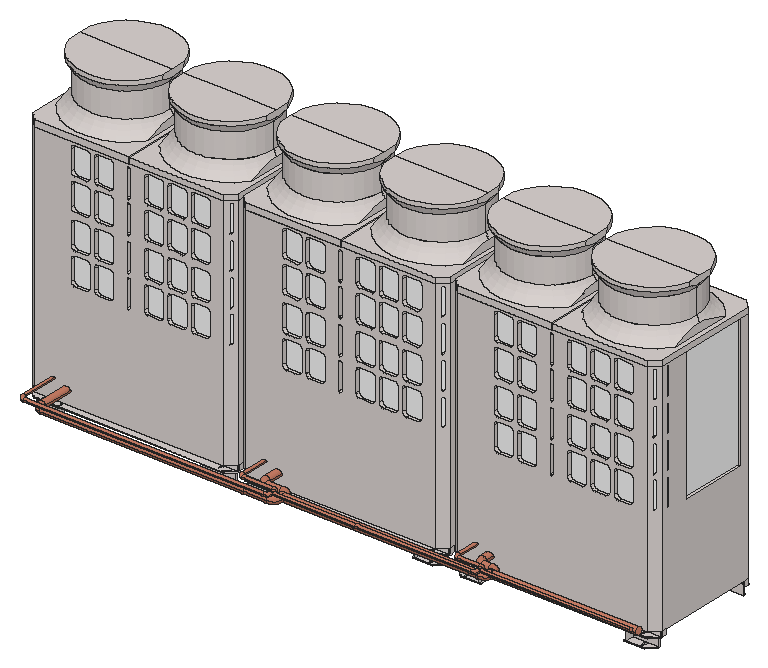
Revit family "PUHY-EP1300YSNW-A", category Mechanical Equipment, Revit 2012
Parameters (values of type "PUHY-EP1300YSNW-A_415V_60Hz")
  Sound Pressure Level (dB(A)) Heating mode = 73.5
  Sound Pressure Level (dB(A)) Cooling mode = 70
  Model = "PUHY-EP1300YSNW-A"
  Width = 3780 mm
  WarrantyStart = ""
  Voltage = 415 V
  Unit Weight (kg) = 915
  URL = "http://www.mitsubishielectric.com/"
  Temp. range of heating (Outdoor temp.) (W.B.) = "-20.0 to 15.5"
  Temp. range of heating (Indoor temp.) (D.B.) = "15.0 to 27.0"
  TagNumber = 0
  Subcategory = "HVAC"
  Space View = yes
  SerialNumber = 0
  ReplacementYear = ""
  Refrigerant type = "R410A"
  Refrigerant Charge (kg) = 32.4
  Protection Devices_Inverter circuit (COMP./FAN) = "Over-heat protection, Over-current protection"
  Protection Devices_High pressure (MPa) = "High pressure sensor, High pressure switch at 4.15"
  Phase = 3
  Manufacturer = "Mitsubishi Electric Corporation"
  Outdoor unit 3 = PUHY-EP400YNW-A : PUHY-EP400YNW-A
  Outdoor unit 2 = PUHY-EP450YNW-A : PUHY-EP450YNW-A
  Outdoor unit 1 = PUHY-EP450YNW-A : PUHY-EP450YNW-A
  Note_1 = "Refrigerant pipe diameters may change depending on the installation condition. Please refer to the installation manual."
  Maximum Circuit Ampacity (A) = 95.6
  Liquid pipe_radius = 9.525 mm
  InstallationDate = ""
  Indoor Unit Total Capacity = "50 to 130% of outdoor unit capacity"
  Indoor Unit Model/Quantity = "P15 to P250/3 to 50"
  Hertz = 60 Hz
  Height = 1858 mm
  Heating Power Input (kW) = 39.81
  Heating Current (A) = 61.5
  Heating Capacity (kW) = 163
  Heating COP (kW/kW) = 4.09
  Gas pipe_radius = 20.64 mm
  Fan_Type = "Propeller Fan"
  Fan_Quantity = 6
  Fan Motor Output (kW) = 2.76
  External static pressure (Pa) = 0
  External Finish = "Pre-coated galvanized steel sheets (+powder coating for -BS type) <MUNSELL 5Y 8/1 or similar>"
  Equip_description = ""
  Equip_No. = 0
  Equip_ID = ""
  Description = ""
  Depth = 740 mm
  CreatedOn = ""
  CreatedBy = ""
  Cooling Power Input (kW) = 33.85
  Cooling EER (kW/kW) = 4.31
  Cooling Current (A) = 52.3
  Cooling Capacity (kW) = 146
  Compressor_Type = "Inverter scroll hermetic compressor"
  Compressor_Quantity = 3
  Compressor_Lubricant = "MEL32"
  Compressor Motor Output (kW) = 35.7
  Category = ""
  Barcode = ""
  AssetIdentifier = ""
  Airflow Rate (m3/min) = 880
  Airflow Rate (m3/h) = 52800
Reference planes
  plane 1 "Center (Front/Back)": y = 0
  plane 2: z = 0
  plane 3 "Center (Left/Right)": x = 0
  plane 4: y = 370
  plane 5 "front": y = -370
  plane 6: x = -1890
  plane 7: x = 1890
  plane 8: x = -620
  plane 9: x = 620
  plane 10: x = -650
  plane 11: x = 650
  plane 12: y = 370
  plane 13: y = -370
  plane 14: z = 1858
  plane 15: x = -1647
  plane 16: x = -1730.603
  plane 17: x = -377
  plane 18: x = -460
  plane 19: x = 893
  plane 20: x = 810
Forms (mm)
  Sweep 1, solid, material "Copper"
    path origin (-51.563, 17.925, 207.255) x (0, -1, 0) y (1, 0, 0)
      loop
        line (380, -1679.039) -> (605, -1679.039)
        arc (605, -1679.039) -> (626.213, -1670.253) -> (635, -1649.039) r 30
        line (635, -1649.039) -> (635, -208.337)
        arc (635, -208.337) -> (629.142, -194.195) -> (615, -188.337) r 20
        line (615, -188.337) -> (590, -188.337)
        arc (590, -188.337) -> (575.858, -194.195) -> (570, -208.337) r 20
        line (570, -208.337) -> (570, -388.437)
        arc (570, -388.437) -> (564.142, -402.579) -> (550, -408.437) r 20
        line (550, -408.437) -> (380, -408.437)
    profile origin (-1730.603, -474.575, 207.255) x (1, 0, 0) y (0, 0, 1)
      loop
        circle (0, 0) r 9.525
  Sweep 2, solid, material "Copper"
    path origin (-48.859, 17.925, 173.255) x (-1, 0, 0) y (0, -1, 0)
      loop
        line (1598.141, 380) -> (1598.141, 575)
        arc (1598.141, 575) -> (1587.889, 599.749) -> (1563.141, 610) r 35
        line (1563.141, 610) -> (342, 610) -> (204.723, 610)
        arc (204.723, 610) -> (179.974, 599.749) -> (169.723, 575) r 35
        line (169.723, 575) -> (169.723, 545)
        arc (169.723, 545) -> (179.974, 520.251) -> (204.723, 510) r 35
        line (204.723, 510) -> (293.141, 510)
        arc (293.141, 510) -> (317.889, 499.749) -> (328.141, 475) r 35
        line (328.141, 475) -> (328.141, 380)
    profile origin (-1647, -459.575, 173.255) x (1, 0, 0) y (0, 0, 1)
      loop
        circle (0, 0) r 20.64
  Sweep 3, solid, material "Copper"
    path origin (214.685, 17.925, 207.255) x (0, -1, 0) y (1, 0, 0)
      loop
        line (605, -448.702) -> (605, 51.298) -> (605, 745.315)
        arc (605, 745.315) -> (599.142, 759.457) -> (585, 765.315) r 20
        line (585, 765.315) -> (560.96, 765.315)
        arc (560.96, 765.315) -> (546.818, 759.457) -> (540.96, 745.315) r 20
        line (540.96, 745.315) -> (540.96, 615.315)
        arc (540.96, 615.315) -> (535.102, 601.172) -> (520.96, 595.315) r 20
        line (520.96, 595.315) -> (380, 595.315)
    profile origin (15.984, -587.075, 207.255) x (0, 1, 0) y (0, 0, 1)
      loop
        circle (0, 0) r 9.525
  Sweep 4, solid, material "Copper"
    path origin (188.125, 17.925, 173.255) x (-1, 0, 0) y (0, -1, 0)
      loop
        line (395.125, 555.96) -> (-784.875, 555.96)
        arc (-784.875, 555.96) -> (-809.623, 545.709) -> (-819.875, 520.96) r 35
        line (-819.875, 520.96) -> (-819.875, 510)
        arc (-819.875, 510) -> (-809.623, 485.251) -> (-784.875, 475) r 35
        line (-784.875, 475) -> (-739.875, 475)
        arc (-739.875, 475) -> (-715.126, 464.749) -> (-704.875, 440) r 35
        line (-704.875, 440) -> (-704.875, 380)
    profile origin (383, -538.035, 173.255) x (0, 1, 0) y (0, 0, 1)
      loop
        circle (0, 0) r 20.64
  Sweep 5, solid, material "Copper"
    path origin (114.685, 17.925, 207.255) x (0, -1, 0) y (1, 0, 0)
      loop
        line (572.806, 870.315) -> (572.806, 1775.315)
    profile origin (1437.5, -554.881, 207.255) x (0, 1, 0) y (0, 0, 1)
      loop
        circle (0, 0) r 9.525
  Sweep 6, solid, material "Copper"
    path origin (88.125, 17.925, 173.255) x (-1, 0, 0) y (0, -1, 0)
      loop
        line (-921.875, 515.995) -> (-1801.875, 515.995)
    profile origin (1450, -498.07, 173.255) x (0, 1, 0) y (0, 0, 1)
      loop
        circle (0, 0) r 20.64
Dimensions and locks
  nested 2 to nested 1 = 30 mm
  nested 1 to nested 1 = 1240 mm
  nested 2 to nested 2 = 1240 mm
  plane 6 to plane 3 "Center (Left/Right)" to plane 7 = 1890 mm, 1890 mm
  "Liquid pipe_radius": radius of Sweep 5 sketch curve
  "Gas pipe_radius": radius of Sweep 6 sketch curve
  aligned and locked: level to plane 2
Automatic sketch dimensions
  Sweep 1 sketch curve to plane 5 "front" = 7.925 mm  (x2)
  plane 5 "front" to Sweep 1 sketch curve = 162.075 mm
  Sweep 1 sketch curve to plane 3 "Center (Left/Right)" = 259.9 mm
  Sweep 1 sketch curve to Sweep 1 sketch curve = 20 mm
  Sweep 1 sketch curve to plane 3 "Center (Left/Right)" = 239.9 mm
  plane 5 "front" to Sweep 1 sketch curve = 217.075 mm
  Sweep 1 sketch curve to Sweep 1 sketch curve = 25 mm
  Sweep 1 sketch curve to Sweep 1 sketch curve = 30 mm
  Sweep 1 sketch curve to plane 3 "Center (Left/Right)" = 440 mm
  profile plane to Sweep 1 sketch curve = 0 mm
  Sweep 1 sketch curve to profile plane = 0 mm
  Sweep 2 sketch curve to plane 3 "Center (Left/Right)" = 218.582 mm
  Sweep 2 sketch curve to plane 3 "Center (Left/Right)" = 253.582 mm  (x2)
  Sweep 2 sketch curve to plane 3 "Center (Left/Right)" = 342 mm
  Sweep 2 sketch curve to plane 3 "Center (Left/Right)" = 390.859 mm
  Sweep 2 sketch curve to Sweep 2 sketch curve = 35 mm  (x2)
  plane 5 "front" to Sweep 2 sketch curve = 222.075 mm
  Sweep 2 sketch curve to Sweep 2 sketch curve = 30 mm
  Sweep 2 sketch curve to plane 5 "front" = 7.925 mm  (x2)
  profile plane to Sweep 2 sketch curve = 0 mm
  Sweep 2 sketch curve to profile plane = 0 mm
  Sweep 3 sketch curve to profile plane = 0 mm  (x2)
  Sweep 4 sketch curve to profile plane = 0 mm  (x2)
  Sweep 5 sketch curve to profile plane = 0 mm  (x2)
  Sweep 6 sketch curve to profile plane = 0 mm  (x2)
  Sweep 1 sketch curve to Sweep 1 sketch curve = 1240.603 mm
  Sweep 2 sketch curve to Sweep 2 sketch curve = 1235 mm
  Sweep 3 sketch curve to plane 20 = 0 mm
  Sweep 3 sketch curve to plane 5 "front" = 7.925 mm
  plane 20 to Sweep 3 sketch curve = 20 mm
  plane 5 "front" to Sweep 3 sketch curve = 133.035 mm
  Sweep 3 sketch curve to Sweep 3 sketch curve = 20 mm
  Sweep 3 sketch curve to Sweep 3 sketch curve = 24.04 mm
  plane 5 "front" to Sweep 3 sketch curve = 217.075 mm
  plane 3 "Center (Left/Right)" to Sweep 3 sketch curve = 265.984 mm
  plane 17 to Sweep 3 sketch curve = 142.984 mm
  plane 19 to Sweep 3 sketch curve = 67 mm
  Sweep 4 sketch curve to plane 19 = 0 mm
  plane 19 to Sweep 4 sketch curve = 35 mm
  Sweep 4 sketch curve to Sweep 4 sketch curve = 45 mm
  Sweep 4 sketch curve to Sweep 4 sketch curve = 0 mm
  Sweep 4 sketch curve to Sweep 4 sketch curve = 35 mm
  plane 17 to Sweep 4 sketch curve = 170 mm
  Sweep 4 sketch curve to plane 5 "front" = 7.925 mm
  plane 5 "front" to Sweep 4 sketch curve = 52.075 mm
  Sweep 4 sketch curve to Sweep 4 sketch curve = 10.96 mm
  Sweep 6 sketch curve to plane 7 = 0 mm
  plane 19 to Sweep 6 sketch curve = 117 mm
  plane 5 "front" to Sweep 6 sketch curve = 128.07 mm
  Sweep 5 sketch curve to plane 7 = 0 mm
  plane 5 "front" to Sweep 5 sketch curve = 184.881 mm
  plane 19 to Sweep 5 sketch curve = 92 mm
  radius of Sweep 1 sketch curve = 9.525 mm
  radius of Sweep 2 sketch curve = 20.64 mm
  radius of Sweep 3 sketch curve = 9.525 mm
  radius of Sweep 4 sketch curve = 20.64 mm
Nested families
  nested 1: "PUHY-EP450YNW-A" at (0, 0, 0), type <- "Outdoor unit 2", type "PUHY-EP450YNW-A"
  nested 2: "PUHY-EP450YNW-A" at (-1270, 0, 0), type <- "Outdoor unit 1", type "PUHY-EP450YNW-A"
  nested 3: "PUHY-EP400YNW-A" at (1270, 0, 0), type <- "Outdoor unit 3", type "PUHY-EP400YNW-A"
Connectors
  piping at (1890, -498.07, 173.255), driven by "Gas pipe_radius"
    settings: on Sweep 6, index 1, connector radius 20.64 mm, flow factor 0, pipe flow 0.0 L/s, pressure drop 0.0 Pa, fitting loss kfactor 0, connector angle 0.00°, fixture units 0, engagement length 0 mm, flow configuration 0, flow direction 0, fitting loss method 0, system type 22, joint type 0, gender type 0, connector reference index -1, connector utility 0, adjustable connector no, is connector primary yes, fitting loss table "", connector description "Indoor unit-Twinning pipe(Gas)"
  piping at (1890, -554.881, 207.255), driven by "Liquid pipe_radius"
    settings: on Sweep 5, index 2, connector radius 9.525 mm, flow factor 0, pipe flow 0.0 L/s, pressure drop 0.0 Pa, fitting loss kfactor 0, connector angle 0.00°, fixture units 0, engagement length 0 mm, flow configuration 0, flow direction 0, fitting loss method 0, system type 22, joint type 0, gender type 0, connector reference index -1, connector utility 0, adjustable connector no, is connector primary no, fitting loss table "", connector description "Indoor unit-Twinning pipe(Liquid)"
  electrical at (992, -370, 279), driven by "Phase", driven by "Voltage"
    settings: index 3, voltage 415 V, apparent load 0 VA, apparent load phase1 0 VA, apparent load phase2 0 VA, apparent load phase3 0 VA, power factor 1, load classification "その他", number of poles 3, system type 30, power factor state 1, is connector primary yes, connector utility no, sub classification motor no, connector description ""
  electrical at (-258, -370, 279), driven by "Phase", driven by "Voltage"
    settings: index 4, voltage 415 V, apparent load 0 VA, apparent load phase1 0 VA, apparent load phase2 0 VA, apparent load phase3 0 VA, power factor 1, load classification "その他", number of poles 3, system type 30, power factor state 1, is connector primary no, connector utility no, sub classification motor no, connector description ""
  electrical at (-1508, -370, 279), driven by "Phase", driven by "Voltage"
    settings: index 5, voltage 415 V, apparent load 0 VA, apparent load phase1 0 VA, apparent load phase2 0 VA, apparent load phase3 0 VA, power factor 1, load classification "その他", number of poles 3, system type 30, power factor state 1, is connector primary no, connector utility no, sub classification motor no, connector description ""
Definition of nested family "PUHY-EP450YNW-A"
  Parameters (values of type "PUHY-P450YNW-A")
    Model = "PUHY-P400YNW-A"
    URL = "http://www.mitsubishielectric.com/"
    Manufacturer = "Mitsubishi Electric Corporation"
    Liquid pipe_radius = 12.7 mm
    Gas pipe_radius = 14.29 mm
  Reference planes
    plane 1 "Center (Front/Back)": y = 0
    plane 2: z = 0
    plane 3 "Center (Left/Right)": x = 0
    plane 4: y = 370
    plane 5: z = 1858
    plane 6: y = -260
    plane 7: y = -204
    plane 8: y = -185
    plane 9: x = -620
    plane 10: x = 620
    plane 11: x = -620
    plane 12: z = 716
    plane 13: x = -524
    plane 14: z = 669
    plane 15: x = -50.5
    plane 16: x = 51
    plane 17: x = 489
    plane 18: x = 467
    plane 19 "132": x = 488
    plane 20 "100": z = 160
    plane 21: z = 185
    plane 22: x = 413
    plane 23: x = 364
    plane 24: z = 150
    plane 25: x = -287.25
    plane 26: x = -137.25
    plane 27: x = -272.25
    plane 28: y = -278
    plane 29: z = 1509
    plane 30: y = -370
    plane 31: x = -530
    plane 32: x = 530
    plane 33 "179": y = -191
  Forms (mm)
    Extrusion 1, solid, material "Paint_5Y 8/1"
      sketch origin (-1, 0, 113) x (-1, 0, 0) y (0, -1, 0)
        loop
          line (569, -370) -> (619, -320) -> (619, 320) -> (569, 370) -> (-571, 370) -> (-621, 320) -> (-621, -320) -> (-571, -370) -> (569, -370)
      from -18 to 1408
    Extrusion 2, void
      sketch origin (524, -370, 113) x (1, 0, 0) y (0, 0, -1)
        loop
          arc (-60.8, -1393.5) -> (-42.557, -1385.943) -> (-35, -1367.7) r 25.8
          line (-35, -1367.7) -> (-35, -1248.5)
          arc (-35, -1248.5) -> (-42.557, -1230.257) -> (-60.8, -1222.7) r 25.8
          line (-60.8, -1222.7) -> (-126, -1222.7)
          arc (-126, -1222.7) -> (-144.243, -1230.257) -> (-151.8, -1248.5) r 25.8
          line (-151.8, -1248.5) -> (-151.8, -1367.7)
          arc (-151.8, -1367.7) -> (-144.243, -1385.943) -> (-126, -1393.5) r 25.8
          line (-126, -1393.5) -> (-60.8, -1393.5)
      from 0 to 20
    Extrusion 3, void
      sketch origin (524, -370, -81) x (1, 0, 0) y (0, 0, -1)
        loop
          arc (-60.8, -1393.5) -> (-42.557, -1385.943) -> (-35, -1367.7) r 25.8
          line (-35, -1367.7) -> (-35, -1248.5)
          arc (-35, -1248.5) -> (-42.557, -1230.257) -> (-60.8, -1222.7) r 25.8
          line (-60.8, -1222.7) -> (-126, -1222.7)
          arc (-126, -1222.7) -> (-144.243, -1230.257) -> (-151.8, -1248.5) r 25.8
          line (-151.8, -1248.5) -> (-151.8, -1367.7)
          arc (-151.8, -1367.7) -> (-144.243, -1385.943) -> (-126, -1393.5) r 25.8
          line (-126, -1393.5) -> (-60.8, -1393.5)
      from 0 to 20
    Extrusion 4, void
      sketch origin (524, -370, -287) x (1, 0, 0) y (0, 0, -1)
        loop
          arc (-60.8, -1393.5) -> (-42.557, -1385.943) -> (-35, -1367.7) r 25.8
          line (-35, -1367.7) -> (-35, -1248.5)
          arc (-35, -1248.5) -> (-42.557, -1230.257) -> (-60.8, -1222.7) r 25.8
          line (-60.8, -1222.7) -> (-126, -1222.7)
          arc (-126, -1222.7) -> (-144.243, -1230.257) -> (-151.8, -1248.5) r 25.8
          line (-151.8, -1248.5) -> (-151.8, -1367.7)
          arc (-151.8, -1367.7) -> (-144.243, -1385.943) -> (-126, -1393.5) r 25.8
          line (-126, -1393.5) -> (-60.8, -1393.5)
      from 0 to 20
    Extrusion 5, void
      sketch origin (524, -370, -481) x (1, 0, 0) y (0, 0, -1)
        loop
          arc (-60.8, -1393.5) -> (-42.557, -1385.943) -> (-35, -1367.7) r 25.8
          line (-35, -1367.7) -> (-35, -1248.5)
          arc (-35, -1248.5) -> (-42.557, -1230.257) -> (-60.8, -1222.7) r 25.8
          line (-60.8, -1222.7) -> (-126, -1222.7)
          arc (-126, -1222.7) -> (-144.243, -1230.257) -> (-151.8, -1248.5) r 25.8
          line (-151.8, -1248.5) -> (-151.8, -1367.7)
          arc (-151.8, -1367.7) -> (-144.243, -1385.943) -> (-126, -1393.5) r 25.8
          line (-126, -1393.5) -> (-60.8, -1393.5)
      from 0 to 20
    Extrusion 6, void
      sketch origin (384, -370, 113) x (1, 0, 0) y (0, 0, -1)
        loop
          arc (-60.8, -1393.5) -> (-42.557, -1385.943) -> (-35, -1367.7) r 25.8
          line (-35, -1367.7) -> (-35, -1248.5)
          arc (-35, -1248.5) -> (-42.557, -1230.257) -> (-60.8, -1222.7) r 25.8
          line (-60.8, -1222.7) -> (-126, -1222.7)
          arc (-126, -1222.7) -> (-144.243, -1230.257) -> (-151.8, -1248.5) r 25.8
          line (-151.8, -1248.5) -> (-151.8, -1367.7)
          arc (-151.8, -1367.7) -> (-144.243, -1385.943) -> (-126, -1393.5) r 25.8
          line (-126, -1393.5) -> (-60.8, -1393.5)
      from 0 to 20
    Extrusion 7, void
      sketch origin (384, -370, -81) x (1, 0, 0) y (0, 0, -1)
        loop
          arc (-60.8, -1393.5) -> (-42.557, -1385.943) -> (-35, -1367.7) r 25.8
          line (-35, -1367.7) -> (-35, -1248.5)
          arc (-35, -1248.5) -> (-42.557, -1230.257) -> (-60.8, -1222.7) r 25.8
          line (-60.8, -1222.7) -> (-126, -1222.7)
          arc (-126, -1222.7) -> (-144.243, -1230.257) -> (-151.8, -1248.5) r 25.8
          line (-151.8, -1248.5) -> (-151.8, -1367.7)
          arc (-151.8, -1367.7) -> (-144.243, -1385.943) -> (-126, -1393.5) r 25.8
          line (-126, -1393.5) -> (-60.8, -1393.5)
      from 0 to 20
    Extrusion 8, void
      sketch origin (384, -370, -287) x (1, 0, 0) y (0, 0, -1)
        loop
          arc (-60.8, -1393.5) -> (-42.557, -1385.943) -> (-35, -1367.7) r 25.8
          line (-35, -1367.7) -> (-35, -1248.5)
          arc (-35, -1248.5) -> (-42.557, -1230.257) -> (-60.8, -1222.7) r 25.8
          line (-60.8, -1222.7) -> (-126, -1222.7)
          arc (-126, -1222.7) -> (-144.243, -1230.257) -> (-151.8, -1248.5) r 25.8
          line (-151.8, -1248.5) -> (-151.8, -1367.7)
          arc (-151.8, -1367.7) -> (-144.243, -1385.943) -> (-126, -1393.5) r 25.8
          line (-126, -1393.5) -> (-60.8, -1393.5)
      from 0 to 20
    Extrusion 9, void
      sketch origin (384, -370, -481) x (1, 0, 0) y (0, 0, -1)
        loop
          arc (-60.8, -1393.5) -> (-42.557, -1385.943) -> (-35, -1367.7) r 25.8
          line (-35, -1367.7) -> (-35, -1248.5)
          arc (-35, -1248.5) -> (-42.557, -1230.257) -> (-60.8, -1222.7) r 25.8
          line (-60.8, -1222.7) -> (-126, -1222.7)
          arc (-126, -1222.7) -> (-144.243, -1230.257) -> (-151.8, -1248.5) r 25.8
          line (-151.8, -1248.5) -> (-151.8, -1367.7)
          arc (-151.8, -1367.7) -> (-144.243, -1385.943) -> (-126, -1393.5) r 25.8
          line (-126, -1393.5) -> (-60.8, -1393.5)
      from 0 to 20
    Extrusion 10, void
      sketch origin (244, -370, 113) x (1, 0, 0) y (0, 0, -1)
        loop
          arc (-60.8, -1393.5) -> (-42.557, -1385.943) -> (-35, -1367.7) r 25.8
          line (-35, -1367.7) -> (-35, -1248.5)
          arc (-35, -1248.5) -> (-42.557, -1230.257) -> (-60.8, -1222.7) r 25.8
          line (-60.8, -1222.7) -> (-126, -1222.7)
          arc (-126, -1222.7) -> (-144.243, -1230.257) -> (-151.8, -1248.5) r 25.8
          line (-151.8, -1248.5) -> (-151.8, -1367.7)
          arc (-151.8, -1367.7) -> (-144.243, -1385.943) -> (-126, -1393.5) r 25.8
          line (-126, -1393.5) -> (-60.8, -1393.5)
      from 0 to 20
    Extrusion 11, void
      sketch origin (244, -370, -81) x (1, 0, 0) y (0, 0, -1)
        loop
          arc (-60.8, -1393.5) -> (-42.557, -1385.943) -> (-35, -1367.7) r 25.8
          line (-35, -1367.7) -> (-35, -1248.5)
          arc (-35, -1248.5) -> (-42.557, -1230.257) -> (-60.8, -1222.7) r 25.8
          line (-60.8, -1222.7) -> (-126, -1222.7)
          arc (-126, -1222.7) -> (-144.243, -1230.257) -> (-151.8, -1248.5) r 25.8
          line (-151.8, -1248.5) -> (-151.8, -1367.7)
          arc (-151.8, -1367.7) -> (-144.243, -1385.943) -> (-126, -1393.5) r 25.8
          line (-126, -1393.5) -> (-60.8, -1393.5)
      from 0 to 20
    Extrusion 12, void
      sketch origin (244, -370, -287) x (1, 0, 0) y (0, 0, -1)
        loop
          arc (-60.8, -1393.5) -> (-42.557, -1385.943) -> (-35, -1367.7) r 25.8
          line (-35, -1367.7) -> (-35, -1248.5)
          arc (-35, -1248.5) -> (-42.557, -1230.257) -> (-60.8, -1222.7) r 25.8
          line (-60.8, -1222.7) -> (-126, -1222.7)
          arc (-126, -1222.7) -> (-144.243, -1230.257) -> (-151.8, -1248.5) r 25.8
          line (-151.8, -1248.5) -> (-151.8, -1367.7)
          arc (-151.8, -1367.7) -> (-144.243, -1385.943) -> (-126, -1393.5) r 25.8
          line (-126, -1393.5) -> (-60.8, -1393.5)
      from 0 to 20
    Extrusion 13, void
      sketch origin (244, -370, -481) x (1, 0, 0) y (0, 0, -1)
        loop
          arc (-60.8, -1393.5) -> (-42.557, -1385.943) -> (-35, -1367.7) r 25.8
          line (-35, -1367.7) -> (-35, -1248.5)
          arc (-35, -1248.5) -> (-42.557, -1230.257) -> (-60.8, -1222.7) r 25.8
          line (-60.8, -1222.7) -> (-126, -1222.7)
          arc (-126, -1222.7) -> (-144.243, -1230.257) -> (-151.8, -1248.5) r 25.8
          line (-151.8, -1248.5) -> (-151.8, -1367.7)
          arc (-151.8, -1367.7) -> (-144.243, -1385.943) -> (-126, -1393.5) r 25.8
          line (-126, -1393.5) -> (-60.8, -1393.5)
      from 0 to 20
    Extrusion 14, void
      sketch origin (-56, -370, 113) x (1, 0, 0) y (0, 0, -1)
        loop
          arc (-60.8, -1393.5) -> (-42.557, -1385.943) -> (-35, -1367.7) r 25.8
          line (-35, -1367.7) -> (-35, -1248.5)
          arc (-35, -1248.5) -> (-42.557, -1230.257) -> (-60.8, -1222.7) r 25.8
          line (-60.8, -1222.7) -> (-126, -1222.7)
          arc (-126, -1222.7) -> (-144.243, -1230.257) -> (-151.8, -1248.5) r 25.8
          line (-151.8, -1248.5) -> (-151.8, -1367.7)
          arc (-151.8, -1367.7) -> (-144.243, -1385.943) -> (-126, -1393.5) r 25.8
          line (-126, -1393.5) -> (-60.8, -1393.5)
      from 0 to 20
    Extrusion 15, void
      sketch origin (-56, -370, -81) x (1, 0, 0) y (0, 0, -1)
        loop
          arc (-60.8, -1393.5) -> (-42.557, -1385.943) -> (-35, -1367.7) r 25.8
          line (-35, -1367.7) -> (-35, -1248.5)
          arc (-35, -1248.5) -> (-42.557, -1230.257) -> (-60.8, -1222.7) r 25.8
          line (-60.8, -1222.7) -> (-126, -1222.7)
          arc (-126, -1222.7) -> (-144.243, -1230.257) -> (-151.8, -1248.5) r 25.8
          line (-151.8, -1248.5) -> (-151.8, -1367.7)
          arc (-151.8, -1367.7) -> (-144.243, -1385.943) -> (-126, -1393.5) r 25.8
          line (-126, -1393.5) -> (-60.8, -1393.5)
      from 0 to 20
    Extrusion 16, void
      sketch origin (-56, -370, -287) x (1, 0, 0) y (0, 0, -1)
        loop
          arc (-60.8, -1393.5) -> (-42.557, -1385.943) -> (-35, -1367.7) r 25.8
          line (-35, -1367.7) -> (-35, -1248.5)
          arc (-35, -1248.5) -> (-42.557, -1230.257) -> (-60.8, -1222.7) r 25.8
          line (-60.8, -1222.7) -> (-126, -1222.7)
          arc (-126, -1222.7) -> (-144.243, -1230.257) -> (-151.8, -1248.5) r 25.8
          line (-151.8, -1248.5) -> (-151.8, -1367.7)
          arc (-151.8, -1367.7) -> (-144.243, -1385.943) -> (-126, -1393.5) r 25.8
          line (-126, -1393.5) -> (-60.8, -1393.5)
      from 0 to 20
    Extrusion 17, void
      sketch origin (-56, -370, -481) x (1, 0, 0) y (0, 0, -1)
        loop
          arc (-60.8, -1393.5) -> (-42.557, -1385.943) -> (-35, -1367.7) r 25.8
          line (-35, -1367.7) -> (-35, -1248.5)
          arc (-35, -1248.5) -> (-42.557, -1230.257) -> (-60.8, -1222.7) r 25.8
          line (-60.8, -1222.7) -> (-126, -1222.7)
          arc (-126, -1222.7) -> (-144.243, -1230.257) -> (-151.8, -1248.5) r 25.8
          line (-151.8, -1248.5) -> (-151.8, -1367.7)
          arc (-151.8, -1367.7) -> (-144.243, -1385.943) -> (-126, -1393.5) r 25.8
          line (-126, -1393.5) -> (-60.8, -1393.5)
      from 0 to 20
    Extrusion 18, void
      sketch origin (-196, -370, 113) x (1, 0, 0) y (0, 0, -1)
        loop
          arc (-60.8, -1393.5) -> (-42.557, -1385.943) -> (-35, -1367.7) r 25.8
          line (-35, -1367.7) -> (-35, -1248.5)
          arc (-35, -1248.5) -> (-42.557, -1230.257) -> (-60.8, -1222.7) r 25.8
          line (-60.8, -1222.7) -> (-126, -1222.7)
          arc (-126, -1222.7) -> (-144.243, -1230.257) -> (-151.8, -1248.5) r 25.8
          line (-151.8, -1248.5) -> (-151.8, -1367.7)
          arc (-151.8, -1367.7) -> (-144.243, -1385.943) -> (-126, -1393.5) r 25.8
          line (-126, -1393.5) -> (-60.8, -1393.5)
      from 0 to 20
    Extrusion 19, void
      sketch origin (-196, -370, -81) x (1, 0, 0) y (0, 0, -1)
        loop
          arc (-60.8, -1393.5) -> (-42.557, -1385.943) -> (-35, -1367.7) r 25.8
          line (-35, -1367.7) -> (-35, -1248.5)
          arc (-35, -1248.5) -> (-42.557, -1230.257) -> (-60.8, -1222.7) r 25.8
          line (-60.8, -1222.7) -> (-126, -1222.7)
          arc (-126, -1222.7) -> (-144.243, -1230.257) -> (-151.8, -1248.5) r 25.8
          line (-151.8, -1248.5) -> (-151.8, -1367.7)
          arc (-151.8, -1367.7) -> (-144.243, -1385.943) -> (-126, -1393.5) r 25.8
          line (-126, -1393.5) -> (-60.8, -1393.5)
      from 0 to 20
    Extrusion 20, void
      sketch origin (-196, -370, -287) x (1, 0, 0) y (0, 0, -1)
        loop
          arc (-60.8, -1393.5) -> (-42.557, -1385.943) -> (-35, -1367.7) r 25.8
          line (-35, -1367.7) -> (-35, -1248.5)
          arc (-35, -1248.5) -> (-42.557, -1230.257) -> (-60.8, -1222.7) r 25.8
          line (-60.8, -1222.7) -> (-126, -1222.7)
          arc (-126, -1222.7) -> (-144.243, -1230.257) -> (-151.8, -1248.5) r 25.8
          line (-151.8, -1248.5) -> (-151.8, -1367.7)
          arc (-151.8, -1367.7) -> (-144.243, -1385.943) -> (-126, -1393.5) r 25.8
          line (-126, -1393.5) -> (-60.8, -1393.5)
      from 0 to 20
    Extrusion 21, void
      sketch origin (-196, -370, -481) x (1, 0, 0) y (0, 0, -1)
        loop
          arc (-60.8, -1393.5) -> (-42.557, -1385.943) -> (-35, -1367.7) r 25.8
          line (-35, -1367.7) -> (-35, -1248.5)
          arc (-35, -1248.5) -> (-42.557, -1230.257) -> (-60.8, -1222.7) r 25.8
          line (-60.8, -1222.7) -> (-126, -1222.7)
          arc (-126, -1222.7) -> (-144.243, -1230.257) -> (-151.8, -1248.5) r 25.8
          line (-151.8, -1248.5) -> (-151.8, -1367.7)
          arc (-151.8, -1367.7) -> (-144.243, -1385.943) -> (-126, -1393.5) r 25.8
          line (-126, -1393.5) -> (-60.8, -1393.5)
      from 0 to 20
    Extrusion 22, void
      sketch origin (620, 320, 113) x (0, 1, 0) y (0, 0, -1)
        loop
          line (-462.3, -1408) -> (-50.8, -1408) -> (-50.8, -612) -> (-462.3, -612) -> (-462.3, -1408)
      from 0 to 20
    Extrusion 23, void
      sketch origin (-620, -320, 113) x (0, -1, 0) y (0, 0, -1)
        loop
          line (-535.7, -1408) -> (-207.7, -1408) -> (-207.7, -592) -> (-535.7, -592) -> (-535.7, -1408)
      from 0 to 20
    Extrusion 24, void
      sketch origin (194.892, 370, 113) x (-1, 0, 0) y (0, 0, -1)
        loop
          arc (204.892, -1225.013) -> (194.892, -1215.013) -> (184.892, -1225.013) r 10
          line (184.892, -1225.013) -> (184.892, -1379.987)
          arc (184.892, -1379.987) -> (194.892, -1389.987) -> (204.892, -1379.987) r 10
          line (204.892, -1379.987) -> (204.892, -1225.013)
        loop
          arc (204.892, -1031.013) -> (194.892, -1021.013) -> (184.892, -1031.013) r 10
          line (184.892, -1031.013) -> (184.892, -1185.987)
          arc (184.892, -1185.987) -> (194.892, -1195.987) -> (204.892, -1185.987) r 10
          line (204.892, -1185.987) -> (204.892, -1031.013)
        loop
          arc (204.892, -825.013) -> (194.892, -815.013) -> (184.892, -825.013) r 10
          line (184.892, -825.013) -> (184.892, -979.987)
          arc (184.892, -979.987) -> (194.892, -989.987) -> (204.892, -979.987) r 10
          line (204.892, -979.987) -> (204.892, -825.013)
        loop
          arc (204.892, -631.013) -> (194.892, -621.013) -> (184.892, -631.013) r 10
          line (184.892, -631.013) -> (184.892, -785.987)
          arc (184.892, -785.987) -> (194.892, -795.987) -> (204.892, -785.987) r 10
          line (204.892, -785.987) -> (204.892, -631.013)
      from 0 to 20
    Extrusion 25, void
      sketch origin (-570, 370, 113) x (0.707107, 0.707107, 0) y (0, 0, 1)
        loop
          arc (-45.355, 1236) -> (-35.355, 1226) -> (-25.355, 1236) r 10
          line (-25.355, 1236) -> (-25.355, 1386)
          arc (-25.355, 1386) -> (-35.355, 1396) -> (-45.355, 1386) r 10
          line (-45.355, 1386) -> (-45.355, 1236)
        loop
          arc (-45.355, 1036) -> (-35.355, 1026) -> (-25.355, 1036) r 10
          line (-25.355, 1036) -> (-25.355, 1186)
          arc (-25.355, 1186) -> (-35.355, 1196) -> (-45.355, 1186) r 10
          line (-45.355, 1186) -> (-45.355, 1036)
        loop
          arc (-45.355, 836) -> (-35.355, 826) -> (-25.355, 836) r 10
          line (-25.355, 836) -> (-25.355, 986)
          arc (-25.355, 986) -> (-35.355, 996) -> (-45.355, 986) r 10
          line (-45.355, 986) -> (-45.355, 836)
        loop
          arc (-45.355, 641) -> (-35.355, 631) -> (-25.355, 641) r 10
          line (-25.355, 641) -> (-25.355, 791)
          arc (-25.355, 791) -> (-35.355, 801) -> (-45.355, 791) r 10
          line (-45.355, 791) -> (-45.355, 641)
      from 0 to 20
    Extrusion 26, void
      sketch origin (-620, -320, 113) x (0, -1, 0) y (0, 0, -1)
        loop
          line (-607.846, -1035.895) -> (-607.846, -1186.105)
          arc (-607.846, -1186.105) -> (-597.846, -1196.105) -> (-587.846, -1186.105) r 10
          line (-587.846, -1186.105) -> (-587.846, -1035.895)
          arc (-587.846, -1035.895) -> (-597.846, -1025.895) -> (-607.846, -1035.895) r 10
        loop
          line (-607.846, -835.895) -> (-607.846, -986.105)
          arc (-607.846, -986.105) -> (-597.846, -996.105) -> (-587.846, -986.105) r 10
          line (-587.846, -986.105) -> (-587.846, -835.895)
          arc (-587.846, -835.895) -> (-597.846, -825.895) -> (-607.846, -835.895) r 10
        loop
          line (-607.846, -1235.895) -> (-607.846, -1386.105)
          arc (-607.846, -1386.105) -> (-597.846, -1396.105) -> (-587.846, -1386.105) r 10
          line (-587.846, -1386.105) -> (-587.846, -1235.895)
          arc (-587.846, -1235.895) -> (-597.846, -1225.895) -> (-607.846, -1235.895) r 10
        loop
          line (-607.846, -635.895) -> (-607.846, -786.105)
          arc (-607.846, -786.105) -> (-597.846, -796.105) -> (-587.846, -786.105) r 10
          line (-587.846, -786.105) -> (-587.846, -635.895)
          arc (-587.846, -635.895) -> (-597.846, -625.895) -> (-607.846, -635.895) r 10
      from 0 to 20
    Extrusion 27, void
      sketch origin (1079, -370, 113) x (1, 0, 0) y (0, 0, -1)
        loop
          arc (-1089, -1379.975) -> (-1079, -1389.975) -> (-1069, -1379.975) r 10
          line (-1069, -1379.975) -> (-1069, -1225)
          arc (-1069, -1225) -> (-1079, -1215) -> (-1089, -1225) r 10
          line (-1089, -1225) -> (-1089, -1379.975)
        loop
          arc (-1089, -1185.975) -> (-1079, -1195.975) -> (-1069, -1185.975) r 10
          line (-1069, -1185.975) -> (-1069, -1031)
          arc (-1069, -1031) -> (-1079, -1021) -> (-1089, -1031) r 10
          line (-1089, -1031) -> (-1089, -1185.975)
        loop
          arc (-1089, -979.975) -> (-1079, -989.975) -> (-1069, -979.975) r 10
          line (-1069, -979.975) -> (-1069, -825)
          arc (-1069, -825) -> (-1079, -815) -> (-1089, -825) r 10
          line (-1089, -825) -> (-1089, -979.975)
        loop
          arc (-1089, -785.975) -> (-1079, -795.975) -> (-1069, -785.975) r 10
          line (-1069, -785.975) -> (-1069, -631)
          arc (-1069, -631) -> (-1079, -621) -> (-1089, -631) r 10
          line (-1089, -631) -> (-1089, -785.975)
      from 0 to 20
    Extrusion 28, void
      sketch origin (-571, 370, 113) x (-1, 0, 0) y (0, 0, -1)
        loop
          line (-519.5, -1408) -> (-48, -1408) -> (-48, -556) -> (-519.5, -556) -> (-519.5, -1408)
      from 0 to 20
    Extrusion 29, void
      sketch origin (-571, 370, 113) x (-1, 0, 0) y (0, 0, -1)
        loop
          line (-1038, -1408) -> (-622, -1408) -> (-622, -556) -> (-1038, -556) -> (-1038, -1408)
      from 0 to 20
    Extrusion 30, void
      sketch origin (620, 320, 113) x (0, 1, 0) y (0, 0, -1)
        loop
          arc (-588, -1035.791) -> (-598, -1025.791) -> (-608, -1035.791) r 10
          line (-608, -1035.791) -> (-608, -1186)
          arc (-608, -1186) -> (-598, -1196) -> (-588, -1186) r 10
          line (-588, -1186) -> (-588, -1035.791)
        loop
          arc (-588, -835.791) -> (-598, -825.791) -> (-608, -835.791) r 10
          line (-608, -835.791) -> (-608, -986)
          arc (-608, -986) -> (-598, -996) -> (-588, -986) r 10
          line (-588, -986) -> (-588, -835.791)
        loop
          arc (-588, -1235.791) -> (-598, -1225.791) -> (-608, -1235.791) r 10
          line (-608, -1235.791) -> (-608, -1386)
          arc (-608, -1386) -> (-598, -1396) -> (-588, -1386) r 10
          line (-588, -1386) -> (-588, -1235.791)
        loop
          arc (-588, -635.791) -> (-598, -625.791) -> (-608, -635.791) r 10
          line (-608, -635.791) -> (-608, -786)
          arc (-608, -786) -> (-598, -796) -> (-588, -786) r 10
          line (-588, -786) -> (-588, -635.791)
      from 0 to 20
    Extrusion 31, void
      sketch origin (1291.751, 351.751, 113) x (0.707107, 0.707107, 0) y (0, 0, -1)
        loop
          line (-995.311, -1236) -> (-995.311, -1386)
          arc (-995.311, -1386) -> (-985.311, -1396) -> (-975.311, -1386) r 10
          line (-975.311, -1386) -> (-975.311, -1236)
          arc (-975.311, -1236) -> (-985.311, -1226) -> (-995.311, -1236) r 10
        loop
          line (-995.311, -1036) -> (-995.311, -1186)
          arc (-995.311, -1186) -> (-985.311, -1196) -> (-975.311, -1186) r 10
          line (-975.311, -1186) -> (-975.311, -1036)
          arc (-975.311, -1036) -> (-985.311, -1026) -> (-995.311, -1036) r 10
        loop
          line (-995.311, -836) -> (-995.311, -986)
          arc (-995.311, -986) -> (-985.311, -996) -> (-975.311, -986) r 10
          line (-975.311, -986) -> (-975.311, -836)
          arc (-975.311, -836) -> (-985.311, -826) -> (-995.311, -836) r 10
        loop
          line (-995.311, -641) -> (-995.311, -791)
          arc (-995.311, -791) -> (-985.311, -801) -> (-975.311, -791) r 10
          line (-975.311, -791) -> (-975.311, -641)
          arc (-975.311, -641) -> (-985.311, -631) -> (-995.311, -641) r 10
      from 0 to 20
    Extrusion 32, void
      sketch origin (0, -191, 0) x (-1, 0, 0) y (0, 0, 1)
        loop
          circle (460, 176) r 6.35
      from 0 to 78.7
    Extrusion 33, void
      sketch origin (0, -191, 0) x (-1, 0, 0) y (0, 0, 1)
        loop
          circle (377, 176) r 14.29
      from 0 to 78.7
  Cuts and joins
    Extrusion 2, Extrusion 3, Extrusion 4, Extrusion 5, Extrusion 6, Extrusion 7, Extrusion 8, Extrusion 9, Extrusion 10, Extrusion 11, Extrusion 12, Extrusion 13, Extrusion 14, Extrusion 15, Extrusion 16, Extrusion 17, Extrusion 18, Extrusion 19, Extrusion 20, Extrusion 21, Extrusion 22, Extrusion 23, Extrusion 24, Extrusion 25, Extrusion 26, Extrusion 27, Extrusion 28, Extrusion 29, Extrusion 30, Extrusion 31, Extrusion 32, Extrusion 33 cuts Extrusion 1
  Lines and regions (mm)
    model lines
      curve 1: line (-351, -291, 95) -> (-481, -291, 95)
      curve 2: line (-342, -206, 95) -> (-342, -282, 95)
      curve 3: line (-481, -197, 95) -> (-351, -197, 95)
      curve 4: line (-492, -280, 95) -> (-492, -208, 95)
      curve 5: arc (-492, -280, 95) -> (-488.778, -287.778, 95) -> (-481, -291, 95) r 11
      curve 6: arc (-351, -291, 95) -> (-344.636, -288.364, 95) -> (-342, -282, 95) r 9
      curve 7: arc (-342, -206, 95) -> (-344.636, -199.636, 95) -> (-351, -197, 95) r 9
      curve 8: arc (-481, -197, 95) -> (-488.778, -200.222, 95) -> (-492, -208, 95) r 11
      curve 9: line (-30, -370, 1521) -> (-30, -370, 95)
      curve 10: line (30, -370, 1521) -> (30, -370, 95)
      curve 11: line (-485, -370, 215) -> (-357, -370, 215)
      curve 12: line (-495, -370, 141) -> (-495, -370, 205)
      curve 13: line (-357, -370, 131) -> (-485, -370, 131)
      curve 14: line (-347, -370, 205) -> (-347, -370, 141)
      curve 15: arc (-485, -370, 215) -> (-492.071, -370, 212.071) -> (-495, -370, 205) r 10
      curve 16: arc (-495, -370, 141) -> (-492.071, -370, 133.929) -> (-485, -370, 131) r 10
      curve 17: arc (-357, -370, 131) -> (-349.929, -370, 133.929) -> (-347, -370, 141) r 10
      curve 18: arc (-347, -370, 205) -> (-349.929, -370, 212.071) -> (-357, -370, 215) r 10
      curve 19: line (-405, -370, 1521) -> (-405, -370, 716)
      curve 20: line (620, -162.3, 1521) -> (620, -162.3, 95)
      curve 21: line (620, 289.2, 1521) -> (620, 289.2, 95)
      curve 22: line (620, -162.3, 705) -> (620, 289.2, 705)
      curve 23: line (620, -162.3, 725) -> (620, 289.2, 725)
      curve 24: line (620, -76.8, 583) -> (620, 203.2, 583)
      curve 25: line (620, 203.2, 563) -> (620, -76.8, 563)
      curve 26: arc (620, -76.8, 583) -> (620, -83.871, 580.071) -> (620, -86.8, 573) r 10
      curve 27: arc (620, -76.8, 563) -> (620, -83.871, 565.929) -> (620, -86.8, 573) r 10
      curve 28: arc (620, 203.2, 583) -> (620, 210.271, 580.071) -> (620, 213.2, 573) r 10
      curve 29: arc (620, 203.2, 563) -> (620, 210.271, 565.929) -> (620, 213.2, 573) r 10
      curve 30: line (620, -76.8, 478) -> (620, 203.2, 478)
      curve 31: line (620, 203.2, 458) -> (620, -76.8, 458)
      curve 32: arc (620, -76.8, 478) -> (620, -83.871, 475.071) -> (620, -86.8, 468) r 10
      curve 33: arc (620, -76.8, 458) -> (620, -83.871, 460.929) -> (620, -86.8, 468) r 10
      curve 34: arc (620, 203.2, 478) -> (620, 210.271, 475.071) -> (620, 213.2, 468) r 10
      curve 35: arc (620, 203.2, 458) -> (620, 210.271, 460.929) -> (620, 213.2, 468) r 10
      curve 36: line (620, -76.8, 373) -> (620, 203.2, 373)
      curve 37: line (620, 203.2, 353) -> (620, -76.8, 353)
      curve 38: arc (620, -76.8, 373) -> (620, -83.871, 370.071) -> (620, -86.8, 363) r 10
      curve 39: arc (620, -76.8, 353) -> (620, -83.871, 355.929) -> (620, -86.8, 363) r 10
      curve 40: arc (620, 203.2, 373) -> (620, 210.271, 370.071) -> (620, 213.2, 363) r 10
      curve 41: arc (620, 203.2, 353) -> (620, 210.271, 355.929) -> (620, 213.2, 363) r 10
      curve 42: line (620, -76.8, 268) -> (620, 203.2, 268)
      curve 43: line (620, 203.2, 248) -> (620, -76.8, 248)
      curve 44: arc (620, -76.8, 268) -> (620, -83.871, 265.071) -> (620, -86.8, 258) r 10
      curve 45: arc (620, -76.8, 248) -> (620, -83.871, 250.929) -> (620, -86.8, 258) r 10
      curve 46: arc (620, 203.2, 268) -> (620, 210.271, 265.071) -> (620, 213.2, 258) r 10
      curve 47: arc (620, 203.2, 248) -> (620, 210.271, 250.929) -> (620, 213.2, 258) r 10
      curve 48: line (-620, -162.3, 1521) -> (-620, -162.3, 95)
      curve 49: line (-620, 235.7, 1521) -> (-620, 235.7, 95)
      curve 50: line (-620, -112.3, 1521) -> (-620, -112.3, 705)
      curve 51: line (-620, 215.7, 1521) -> (-620, 215.7, 705)
      curve 52: line (-620, 235.7, 705) -> (-620, -162.3, 705)
      curve 53: line (-620, 176.7, 268) -> (-620, -103.3, 268)
      curve 54: line (-620, -103.3, 248) -> (-620, 176.7, 248)
      curve 55: arc (-620, 186.7, 258) -> (-620, 183.771, 265.071) -> (-620, 176.7, 268) r 10
      curve 56: arc (-620, 176.7, 248) -> (-620, 183.771, 250.929) -> (-620, 186.7, 258) r 10
      curve 57: arc (-620, -103.3, 268) -> (-620, -110.371, 265.071) -> (-620, -113.3, 258) r 10
      curve 58: arc (-620, -113.3, 258) -> (-620, -110.371, 250.929) -> (-620, -103.3, 248) r 10
      curve 59: line (-620, 176.7, 373) -> (-620, -103.3, 373)
      curve 60: line (-620, -103.3, 353) -> (-620, 176.7, 353)
      curve 61: arc (-620, 186.7, 363) -> (-620, 183.771, 370.071) -> (-620, 176.7, 373) r 10
      curve 62: arc (-620, 176.7, 353) -> (-620, 183.771, 355.929) -> (-620, 186.7, 363) r 10
      curve 63: arc (-620, -103.3, 373) -> (-620, -110.371, 370.071) -> (-620, -113.3, 363) r 10
      curve 64: arc (-620, -113.3, 363) -> (-620, -110.371, 355.929) -> (-620, -103.3, 353) r 10
      curve 65: line (-620, 176.7, 478) -> (-620, -103.3, 478)
      curve 66: line (-620, -103.3, 458) -> (-620, 176.7, 458)
      curve 67: arc (-620, 186.7, 468) -> (-620, 183.771, 475.071) -> (-620, 176.7, 478) r 10
      curve 68: arc (-620, 176.7, 458) -> (-620, 183.771, 460.929) -> (-620, 186.7, 468) r 10
      curve 69: arc (-620, -103.3, 478) -> (-620, -110.371, 475.071) -> (-620, -113.3, 468) r 10
      curve 70: arc (-620, -113.3, 468) -> (-620, -110.371, 460.929) -> (-620, -103.3, 458) r 10
      curve 71: line (-620, 176.7, 583) -> (-620, -103.3, 583)
      curve 72: line (-620, -103.3, 563) -> (-620, 176.7, 563)
      curve 73: arc (-620, 186.7, 573) -> (-620, 183.771, 580.071) -> (-620, 176.7, 583) r 10
      curve 74: arc (-620, 176.7, 563) -> (-620, 183.771, 565.929) -> (-620, 186.7, 573) r 10
      curve 75: arc (-620, -103.3, 583) -> (-620, -110.371, 580.071) -> (-620, -113.3, 573) r 10
      curve 76: arc (-620, -113.3, 573) -> (-620, -110.371, 565.929) -> (-620, -103.3, 563) r 10
      curve 77: line (-544, 370, 1521) -> (-544, 370, 95)
      curve 78: line (489, 370, 649) -> (30, 370, 649)
      curve 79: line (-30.5, 370, 649) -> (-544, 370, 649)
      curve 80: line (-147.25, 370, 584) -> (-427.25, 370, 584)
      curve 81: line (-427.25, 370, 564) -> (-147.25, 370, 564)
      curve 82: arc (-137.25, 370, 574) -> (-140.179, 370, 581.071) -> (-147.25, 370, 584) r 10
      curve 83: arc (-147.25, 370, 564) -> (-140.179, 370, 566.929) -> (-137.25, 370, 574) r 10
      curve 84: arc (-427.25, 370, 584) -> (-434.321, 370, 581.071) -> (-437.25, 370, 574) r 10
      curve 85: arc (-437.25, 370, 574) -> (-434.321, 370, 566.929) -> (-427.25, 370, 564) r 10
      curve 86: circle (448, -185, 1521) r 15 normal (0, 0, 1)
      curve 87: circle (468, -185, 95) r 26 normal (0, 0, 1)
      curve 88: circle (448, -260, 95) r 32.5 normal (0, 0, 1)
      curve 89: circle (404, -204, 95) r 17 normal (0, 0, 1)
      curve 90: line (-550, -370, 1521) -> (-550, -370, 95)
      curve 91: line (-550, -370, 716) -> (-30, -370, 716)
      curve 92: line (550, -370, 95) -> (550, -370, 1521)
      curve 93: line (30, -370, 716) -> (550, -370, 716)
      curve 94: line (-30.5, 370, 1521) -> (-30.5, 370, 95)
      curve 95: line (30, 370, 1521) -> (30, 370, 95)
      curve 96: line (489, 370, 1521) -> (489, 370, 95)
      curve 97: line (467, 370, 669) -> (467, 370, 649)
      curve 98: line (-352, -370, 223) -> (-550, -370, 223)
      curve 99: line (-342, -370, 213) -> (-342, -370, 95)
      curve 100: arc (-342, -370, 213) -> (-344.929, -370, 220.071) -> (-352, -370, 223) r 10
      curve 101: circle (488, -370, 160) r 32.5 normal (0, -1, 0)
      curve 102: circle (488, -370, 160) r 20 normal (0, -1, 0)
      curve 103: circle (364, -370, 150) r 17 normal (0, -1, 0)
      curve 104: circle (413, -370, 185) r 26 normal (0, -1, 0)
      curve 105: circle (413, -370, 185) r 13.5 normal (0, -1, 0)
      curve 106: line (352, -370, 223) -> (550, -370, 223)
      curve 107: line (342, -370, 213) -> (342, -370, 95)
      curve 108: arc (342, -370, 213) -> (344.929, -370, 220.071) -> (352, -370, 223) r 10
      curve 109: line (-147.25, 370, 479) -> (-427.25, 370, 479)
      curve 110: line (-427.25, 370, 459) -> (-147.25, 370, 459)
      curve 111: arc (-137.25, 370, 469) -> (-140.179, 370, 476.071) -> (-147.25, 370, 479) r 10
      curve 112: arc (-147.25, 370, 459) -> (-140.179, 370, 461.929) -> (-137.25, 370, 469) r 10
      curve 113: arc (-427.25, 370, 479) -> (-434.321, 370, 476.071) -> (-437.25, 370, 469) r 10
      curve 114: arc (-437.25, 370, 469) -> (-434.321, 370, 461.929) -> (-427.25, 370, 459) r 10
      curve 115: line (-147.25, 370, 374) -> (-427.25, 370, 374)
      curve 116: line (-427.25, 370, 354) -> (-147.25, 370, 354)
      curve 117: arc (-137.25, 370, 364) -> (-140.179, 370, 371.071) -> (-147.25, 370, 374) r 10
      curve 118: arc (-147.25, 370, 354) -> (-140.179, 370, 356.929) -> (-137.25, 370, 364) r 10
      curve 119: arc (-427.25, 370, 374) -> (-434.321, 370, 371.071) -> (-437.25, 370, 364) r 10
      curve 120: arc (-437.25, 370, 364) -> (-434.321, 370, 356.929) -> (-427.25, 370, 354) r 10
      curve 121: line (-147.25, 370, 269) -> (-427.25, 370, 269)
      curve 122: line (-427.25, 370, 249) -> (-147.25, 370, 249)
      curve 123: arc (-137.25, 370, 259) -> (-140.179, 370, 266.071) -> (-147.25, 370, 269) r 10
      curve 124: arc (-147.25, 370, 249) -> (-140.179, 370, 251.929) -> (-137.25, 370, 259) r 10
      curve 125: arc (-427.25, 370, 269) -> (-434.321, 370, 266.071) -> (-437.25, 370, 259) r 10
      curve 126: arc (-437.25, 370, 259) -> (-434.321, 370, 251.929) -> (-427.25, 370, 249) r 10
      curve 127: line (399.5, 370, 584) -> (119.5, 370, 584)
      curve 128: line (119.5, 370, 564) -> (399.5, 370, 564)
      curve 129: arc (409.5, 370, 574) -> (406.571, 370, 581.071) -> (399.5, 370, 584) r 10
      curve 130: arc (399.5, 370, 564) -> (406.571, 370, 566.929) -> (409.5, 370, 574) r 10
      curve 131: arc (119.5, 370, 584) -> (112.429, 370, 581.071) -> (109.5, 370, 574) r 10
      curve 132: arc (109.5, 370, 574) -> (112.429, 370, 566.929) -> (119.5, 370, 564) r 10
      curve 133: line (399.5, 370, 479) -> (119.5, 370, 479)
      curve 134: line (119.5, 370, 459) -> (399.5, 370, 459)
      curve 135: arc (409.5, 370, 469) -> (406.571, 370, 476.071) -> (399.5, 370, 479) r 10
      curve 136: arc (399.5, 370, 459) -> (406.571, 370, 461.929) -> (409.5, 370, 469) r 10
      curve 137: arc (119.5, 370, 479) -> (112.429, 370, 476.071) -> (109.5, 370, 469) r 10
      curve 138: arc (109.5, 370, 469) -> (112.429, 370, 461.929) -> (119.5, 370, 459) r 10
      curve 139: line (399.5, 370, 374) -> (119.5, 370, 374)
      curve 140: line (119.5, 370, 354) -> (399.5, 370, 354)
      curve 141: arc (409.5, 370, 364) -> (406.571, 370, 371.071) -> (399.5, 370, 374) r 10
      curve 142: arc (399.5, 370, 354) -> (406.571, 370, 356.929) -> (409.5, 370, 364) r 10
      curve 143: arc (119.5, 370, 374) -> (112.429, 370, 371.071) -> (109.5, 370, 364) r 10
      curve 144: arc (109.5, 370, 364) -> (112.429, 370, 356.929) -> (119.5, 370, 354) r 10
      curve 145: line (399.5, 370, 269) -> (119.5, 370, 269)
      curve 146: line (119.5, 370, 249) -> (399.5, 370, 249)
      curve 147: arc (409.5, 370, 259) -> (406.571, 370, 266.071) -> (399.5, 370, 269) r 10
      curve 148: arc (399.5, 370, 249) -> (406.571, 370, 251.929) -> (409.5, 370, 259) r 10
      curve 149: arc (119.5, 370, 269) -> (112.429, 370, 266.071) -> (109.5, 370, 259) r 10
      curve 150: arc (109.5, 370, 259) -> (112.429, 370, 251.929) -> (119.5, 370, 249) r 10
      curve 151: line (399.5, -370, 584) -> (119.5, -370, 584)
      curve 152: line (119.5, -370, 564) -> (399.5, -370, 564)
      curve 153: arc (409.5, -370, 574) -> (406.571, -370, 581.071) -> (399.5, -370, 584) r 10
      curve 154: arc (399.5, -370, 564) -> (406.571, -370, 566.929) -> (409.5, -370, 574) r 10
      curve 155: arc (119.5, -370, 584) -> (112.429, -370, 581.071) -> (109.5, -370, 574) r 10
      curve 156: arc (109.5, -370, 574) -> (112.429, -370, 566.929) -> (119.5, -370, 564) r 10
      curve 157: line (399.5, -370, 479) -> (119.5, -370, 479)
      curve 158: line (119.5, -370, 459) -> (399.5, -370, 459)
      curve 159: arc (409.5, -370, 469) -> (406.571, -370, 476.071) -> (399.5, -370, 479) r 10
      curve 160: arc (399.5, -370, 459) -> (406.571, -370, 461.929) -> (409.5, -370, 469) r 10
      curve 161: arc (119.5, -370, 479) -> (112.429, -370, 476.071) -> (109.5, -370, 469) r 10
      curve 162: arc (109.5, -370, 469) -> (112.429, -370, 461.929) -> (119.5, -370, 459) r 10
      curve 163: line (399.5, -370, 374) -> (119.5, -370, 374)
      curve 164: line (119.5, -370, 354) -> (399.5, -370, 354)
      curve 165: arc (409.5, -370, 364) -> (406.571, -370, 371.071) -> (399.5, -370, 374) r 10
      curve 166: arc (399.5, -370, 354) -> (406.571, -370, 356.929) -> (409.5, -370, 364) r 10
      curve 167: arc (119.5, -370, 374) -> (112.429, -370, 371.071) -> (109.5, -370, 364) r 10
      curve 168: arc (109.5, -370, 364) -> (112.429, -370, 356.929) -> (119.5, -370, 354) r 10
      curve 169: arc (119.5, -370, 269) -> (112.429, -370, 266.071) -> (109.5, -370, 259) r 10
      curve 170: arc (109.5, -370, 259) -> (112.429, -370, 251.929) -> (119.5, -370, 249) r 10
      curve 171: line (-147.25, -370, 584) -> (-427.25, -370, 584)
      curve 172: line (-427.25, -370, 564) -> (-147.25, -370, 564)
      curve 173: arc (-137.25, -370, 574) -> (-140.179, -370, 581.071) -> (-147.25, -370, 584) r 10
      curve 174: arc (-147.25, -370, 564) -> (-140.179, -370, 566.929) -> (-137.25, -370, 574) r 10
      curve 175: arc (-427.25, -370, 584) -> (-434.321, -370, 581.071) -> (-437.25, -370, 574) r 10
      curve 176: arc (-437.25, -370, 574) -> (-434.321, -370, 566.929) -> (-427.25, -370, 564) r 10
      curve 177: line (-147.25, -370, 479) -> (-427.25, -370, 479)
      curve 178: line (-427.25, -370, 459) -> (-147.25, -370, 459)
      curve 179: arc (-137.25, -370, 469) -> (-140.179, -370, 476.071) -> (-147.25, -370, 479) r 10
      curve 180: arc (-147.25, -370, 459) -> (-140.179, -370, 461.929) -> (-137.25, -370, 469) r 10
      curve 181: arc (-427.25, -370, 479) -> (-434.321, -370, 476.071) -> (-437.25, -370, 469) r 10
      curve 182: arc (-437.25, -370, 469) -> (-434.321, -370, 461.929) -> (-427.25, -370, 459) r 10
      curve 183: line (-147.25, -370, 374) -> (-427.25, -370, 374)
      curve 184: line (-427.25, -370, 354) -> (-147.25, -370, 354)
      curve 185: arc (-137.25, -370, 364) -> (-140.179, -370, 371.071) -> (-147.25, -370, 374) r 10
      curve 186: arc (-147.25, -370, 354) -> (-140.179, -370, 356.929) -> (-137.25, -370, 364) r 10
      curve 187: arc (-427.25, -370, 374) -> (-434.321, -370, 371.071) -> (-437.25, -370, 364) r 10
      curve 188: arc (-437.25, -370, 364) -> (-434.321, -370, 356.929) -> (-427.25, -370, 354) r 10
      curve 189: line (-147.25, -370, 269) -> (-262.25, -370, 269)
      curve 190: line (-262.25, -370, 249) -> (-147.25, -370, 249)
      curve 191: arc (-137.25, -370, 259) -> (-140.179, -370, 266.071) -> (-147.25, -370, 269) r 10
      curve 192: arc (-147.25, -370, 249) -> (-140.179, -370, 251.929) -> (-137.25, -370, 259) r 10
      curve 193: arc (-262.25, -370, 269) -> (-269.321, -370, 266.071) -> (-272.25, -370, 259) r 10
      curve 194: arc (-272.25, -370, 259) -> (-269.321, -370, 251.929) -> (-262.25, -370, 249) r 10
      curve 195: line (234.5, -370, 269) -> (119.5, -370, 269)
      curve 196: line (119.5, -370, 249) -> (234.5, -370, 249)
      curve 197: arc (244.5, -370, 259) -> (241.571, -370, 266.071) -> (234.5, -370, 269) r 10
      curve 198: arc (234.5, -370, 249) -> (241.571, -370, 251.929) -> (244.5, -370, 259) r 10
  Dimensions and locks
    nested 2 to nested 2 = 303 mm
    cut or joined group 1 (Extrusion 1, Extrusion 2, Extrusion 3, Extrusion 4, Extrusion 5, Extrusion 6, Extrusion 7, Extrusion 8, Extrusion 9, Extrusion 10, Extrusion 11, Extrusion 12, Extrusion 13, Extrusion 14, Extrusion 15, Extrusion 16, Extrusion 17, Extrusion 18, Extrusion 19, Extrusion 20, Extrusion 21, Extrusion 22, Extrusion 23, Extrusion 24, Extrusion 25, Extrusion 26, Extrusion 27, Extrusion 28, Extrusion 29, Extrusion 30, Extrusion 31, Extrusion 32, Extrusion 33) to cut or joined group 1 = 1240 mm
    Extrusion 2 sketch curve to Extrusion 2 sketch curve = 116.8 mm
    Extrusion 2 sketch curve to Extrusion 2 sketch curve = 170.8 mm
    Extrusion 3 sketch curve to Extrusion 3 sketch curve = 116.8 mm
    Extrusion 3 sketch curve to Extrusion 3 sketch curve = 170.8 mm
    Extrusion 4 sketch curve to Extrusion 4 sketch curve = 116.8 mm
    Extrusion 4 sketch curve to Extrusion 4 sketch curve = 170.8 mm
    Extrusion 5 sketch curve to Extrusion 5 sketch curve = 116.8 mm
    Extrusion 5 sketch curve to Extrusion 5 sketch curve = 170.8 mm
    Extrusion 6 sketch curve to Extrusion 6 sketch curve = 116.8 mm
    Extrusion 6 sketch curve to Extrusion 6 sketch curve = 170.8 mm
    Extrusion 7 sketch curve to Extrusion 7 sketch curve = 116.8 mm
    Extrusion 7 sketch curve to Extrusion 7 sketch curve = 170.8 mm
    Extrusion 8 sketch curve to Extrusion 8 sketch curve = 116.8 mm
    Extrusion 8 sketch curve to Extrusion 8 sketch curve = 170.8 mm
    Extrusion 9 sketch curve to Extrusion 9 sketch curve = 116.8 mm
    Extrusion 9 sketch curve to Extrusion 9 sketch curve = 170.8 mm
    cut or joined group 1 to cut or joined group 1 = 50 mm  (x2)
    Extrusion 10 sketch curve to Extrusion 10 sketch curve = 116.8 mm
    Extrusion 10 sketch curve to Extrusion 10 sketch curve = 170.8 mm
    Extrusion 11 sketch curve to Extrusion 11 sketch curve = 116.8 mm
    Extrusion 11 sketch curve to Extrusion 11 sketch curve = 170.8 mm
    Extrusion 12 sketch curve to Extrusion 12 sketch curve = 116.8 mm
    Extrusion 12 sketch curve to Extrusion 12 sketch curve = 170.8 mm
    Extrusion 13 sketch curve to Extrusion 13 sketch curve = 116.8 mm
    Extrusion 13 sketch curve to Extrusion 13 sketch curve = 170.8 mm
    Extrusion 14 sketch curve to Extrusion 14 sketch curve = 116.8 mm
    Extrusion 14 sketch curve to Extrusion 14 sketch curve = 170.8 mm
    Extrusion 15 sketch curve to Extrusion 15 sketch curve = 116.8 mm
    Extrusion 15 sketch curve to Extrusion 15 sketch curve = 170.8 mm
    Extrusion 16 sketch curve to Extrusion 16 sketch curve = 116.8 mm
    Extrusion 16 sketch curve to Extrusion 16 sketch curve = 170.8 mm
    Extrusion 17 sketch curve to Extrusion 17 sketch curve = 116.8 mm
    Extrusion 17 sketch curve to Extrusion 17 sketch curve = 170.8 mm
    Extrusion 18 sketch curve to Extrusion 18 sketch curve = 116.8 mm
    Extrusion 18 sketch curve to Extrusion 18 sketch curve = 170.8 mm
    Extrusion 19 sketch curve to Extrusion 19 sketch curve = 116.8 mm
    Extrusion 19 sketch curve to Extrusion 19 sketch curve = 170.8 mm
    Extrusion 20 sketch curve to Extrusion 20 sketch curve = 116.8 mm
    Extrusion 20 sketch curve to Extrusion 20 sketch curve = 170.8 mm
    Extrusion 21 sketch curve to Extrusion 21 sketch curve = 116.8 mm
    Extrusion 21 sketch curve to Extrusion 21 sketch curve = 170.8 mm
    plane 3 "Center (Left/Right)" to cut or joined group 1 = 620 mm
